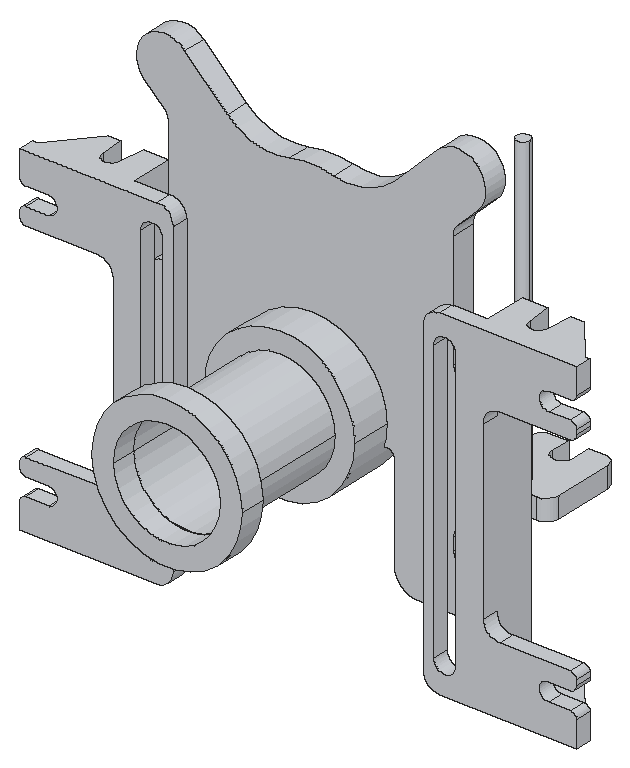
Revit family "Zurn Carrier - Z1201-NR3", category Plumbing Fixtures, host Face, Revit 2017
Family settings
  Host = Face
  Round Connector Dimension = Use Diameter
  Part Type = Normal
  Cut with Voids When Loaded = No
  Shared = No
  Room Calculation Point = No
Parameters
  Default Elevation = 4' - 0"
  A [instance] = 0' - 4"
Reference planes (in)
  plane 1 "Center (Front/Back)": y = 0
  plane 2: z = 0
  plane 3 "Center (Left/Right)": x = 0
  plane 4: through (-8.9941, -180, 4.16246) normal (-0.0159, 0, 0.9999)
  plane 5: through (-8.98588, -180, 0.16209) normal (-0.0159, 0, 0.9999)
Dimensions and locks (in)
  "A": plane 4 to plane 5
  "A": import instance to plane 5
  aligned and locked: plane 2 to host face
  aligned and locked: level to host face
Automatic sketch dimensions
  host sketch curve to host sketch curve = 8' - 0"  (x2)
Nested families (in)
  nested 1: "Inlet" at (0, 0, 0), type "Inlet"
  nested 2: "Legs" at (0, 0, 0), type "Legs"
Connectors (in)
  piping at (-8.9941, 4.875, 4.16246), diameter 3
    settings: on import instance, index 1, connector inside diameter 24", connector length 0' - 0", flow factor 0, pipe flow 0 GPM, pressure drop 0.00 psi, fitting loss kfactor 0, connector angle 0.00°, fixture units 0, engagement length 0' - 0", angle of deflection 0.00°, flow configuration 0, flow direction 2, fitting loss method 0, system type 16, joint type 0, gender type 0, connector reference index -1, connector utility 0, adjustable connector no, is connector primary yes, connector description ""
  piping at (2.47171, 4.875, 4.34446), diameter 3
    settings: on import instance, index 2, connector inside diameter 24", connector length 0' - 0", flow factor 0, pipe flow 0 GPM, pressure drop 0.00 psi, fitting loss kfactor 0, connector angle 0.00°, fixture units 0, engagement length 0' - 0", angle of deflection 0.00°, flow configuration 0, flow direction 1, fitting loss method 0, system type 16, joint type 0, gender type 0, connector reference index -1, connector utility 0, adjustable connector no, is connector primary no, connector description ""
  piping at (-2.38321, 4.875, 8.7674), diameter 2
    settings: on import instance, index 3, connector inside diameter 24", connector length 0' - 0", flow factor 0, pipe flow 0 GPM, pressure drop 0.00 psi, fitting loss kfactor 0, connector angle 0.00°, fixture units 0, engagement length 0' - 0", angle of deflection 0.00°, flow configuration 0, flow direction 2, fitting loss method 0, system type 17, joint type 0, gender type 0, connector reference index -1, connector utility 0, adjustable connector no, is connector primary no, connector description ""
Definition of nested family "Inlet"
  Parameters (values of type "Inlet")
    Default Elevation = 4' - 0"
  Reference planes (in)
    plane 1 "Center (Front/Back)": y = 0
    plane 2: z = 0
    plane 3 "Center (Left/Right)": x = 0
  Forms (in)
    Extrusion 1, solid
      sketch origin (0, 0, 0) x (1, 0, 0) y (0, 1, 0)
        loop
          line (-48, 48) -> (-48, -48) -> (48, -48) -> (48, 48) -> (-48, 48)
      from 0 to -12
    Extrusion 2, solid
      sketch origin (0, 0, 0) x (1, 0, 0) y (0, 0, 1)
        loop
          line (-2.58153, 13.31897) -> (-3.88128, 14.61872)
          arc (-3.88128, 14.61872) -> (-5.11872, 14.61872) -> (-5.11872, 13.38128) r 0.875
          line (-5.11872, 13.38128) -> (-4.52145, 12.78401)
          arc (-4.52145, 12.78401) -> (-4.41306, 12.6218) -> (-4.375, 12.43046) r 0.5
          line (-4.375, 12.43046) -> (-4.375, 8.86603)
          arc (-4.375, 8.86603) -> (-4.43604, 8.70271) -> (-4.58924, 8.61947) r 0.24899
          arc (-4.58924, 8.61947) -> (-4.98827, 8.39216) -> (-5.12286, 7.95309) r 0.62251
          arc (-5.12286, 7.95309) -> (-5.15122, 7.81669) -> (-5.24877, 7.71723) r 0.24745
          arc (-5.24877, 7.71723) -> (-5.34115, 7.62562) -> (-5.375, 7.5) r 0.25003
          line (-5.375, 7.5) -> (-5.375, 5.5)
          arc (-5.375, 5.5) -> (-5.34115, 5.37438) -> (-5.24877, 5.28277) r 0.25003
          arc (-5.24877, 5.28277) -> (-5.15122, 5.18331) -> (-5.12286, 5.04691) r 0.24745
          arc (-5.12286, 5.04691) -> (-4.98827, 4.60784) -> (-4.58924, 4.38053) r 0.62251
          arc (-4.58924, 4.38053) -> (-4.43604, 4.29729) -> (-4.375, 4.13397) r 0.24899
          line (-4.375, 4.13397) -> (-4.375, 3.73744)
          arc (-4.375, 3.73744) -> (-4.39403, 3.64177) -> (-4.44822, 3.56066) r 0.25
          line (-4.44822, 3.56066) -> (-4.94194, 3.06694)
          arc (-4.94194, 3.06694) -> (-5.07742, 2.38582) -> (-4.5, 2) r 0.625
          line (-4.5, 2) -> (-3.25, 2)
          arc (-3.25, 2) -> (-2.76386, 2.20136) -> (-2.5625, 2.6875) r 0.6875
          line (-2.5625, 2.6875) -> (-2.5625, 5.63621)
          arc (-2.5625, 5.63621) -> (-2.37789, 5.87679) -> (-2.09772, 5.76074) r 0.24907
          arc (-2.09772, 5.76074) -> (0, 4.27489) -> (2.09772, 5.76074) r 2.2237
          arc (2.09772, 5.76074) -> (2.37789, 5.87679) -> (2.5625, 5.63621) r 0.24907
          line (2.5625, 5.63621) -> (2.5625, 2.6875)
          arc (2.5625, 2.6875) -> (2.76386, 2.20136) -> (3.25, 2) r 0.6875
          line (3.25, 2) -> (4.5, 2)
          arc (4.5, 2) -> (5.07742, 2.38582) -> (4.94194, 3.06694) r 0.625
          line (4.94194, 3.06694) -> (4.44822, 3.56066)
          arc (4.44822, 3.56066) -> (4.39403, 3.64177) -> (4.375, 3.73744) r 0.25
          line (4.375, 3.73744) -> (4.375, 4.13397)
          arc (4.375, 4.13397) -> (4.43604, 4.29729) -> (4.58924, 4.38053) r 0.24899
          arc (4.58924, 4.38053) -> (4.98827, 4.60784) -> (5.12286, 5.04691) r 0.62251
          arc (5.12286, 5.04691) -> (5.15122, 5.18331) -> (5.24877, 5.28277) r 0.24745
          arc (5.24877, 5.28277) -> (5.34115, 5.37438) -> (5.375, 5.5) r 0.25003
          line (5.375, 5.5) -> (5.375, 7.5)
          arc (5.375, 7.5) -> (5.34115, 7.62562) -> (5.24877, 7.71723) r 0.25003
          arc (5.24877, 7.71723) -> (5.15122, 7.81669) -> (5.12286, 7.95309) r 0.24745
          arc (5.12286, 7.95309) -> (4.98827, 8.39216) -> (4.58924, 8.61947) r 0.62251
          arc (4.58924, 8.61947) -> (4.43604, 8.70271) -> (4.375, 8.86603) r 0.24899
          line (4.375, 8.86603) -> (4.375, 12.43046)
          arc (4.375, 12.43046) -> (4.41306, 12.6218) -> (4.52145, 12.78401) r 0.5
          line (4.52145, 12.78401) -> (5.11872, 13.38128)
          arc (5.11872, 13.38128) -> (5.11872, 14.61872) -> (3.88128, 14.61872) r 0.875
          line (3.88128, 14.61872) -> (2.58153, 13.31897)
          arc (2.58153, 13.31897) -> (1.70465, 12.80693) -> (0.68932, 12.79193) r 1.99841
          arc (0.68932, 12.79193) -> (0, 12.87579) -> (-0.68932, 12.79193) r 2.87515
          arc (-0.68932, 12.79193) -> (-1.70465, 12.80693) -> (-2.58153, 13.31897) r 1.99841
      from 0.17185 to 0.8906
    Extrusion 3, solid
      sketch origin (0, 0, 0) x (1, 0, 0) y (0, 0, 1)
        loop
          circle (0, 6.5) r 2.31198
      from 5.66374 to 6.42185
    Extrusion 4, solid
      sketch origin (0, 0, 0) x (1, 0, 0) y (0, 0, 1)
        loop
          circle (0, 6.5) r 2.31198
      from 0.17185 to 2.1093
    Extrusion 5, solid
      sketch origin (0, 0, 0) x (1, 0, 0) y (0, 0, 1)
        loop
          circle (0, 6.49859) r 1.68737
      from 2.1093 to 5.66374
    Extrusion 6, void
      sketch origin (0, 0, 0) x (1, 0, 0) y (0, 0, 1)
        loop
          circle (0, 6.49859) r 1.64022
      from 0.17185 to 6.42185
    Extrusion 7, void
      sketch origin (0, 9.7656, 0) x (1, 0, 0) y (0, 0, -1)
        loop
          circle (0, -6.49859) r 1.64022
      from -16.18745 to -9.95305
  Cuts and joins
    Extrusion 6 cuts Extrusion 2
    Extrusion 6 cuts Extrusion 3
    Extrusion 6 cuts Extrusion 4
    Extrusion 6 cuts Extrusion 5
  Dimensions and locks (in)
    aligned and locked: plane 2 to Extrusion 1
    aligned and locked: level to Extrusion 1
Definition of nested family "Legs"
  Parameters (values of type "Legs")
    Default Elevation = 4' - 0"
  Reference planes (in)
    plane 1 "Center (Front/Back)": y = 0
    plane 2: z = 0
    plane 3 "Center (Left/Right)": x = 0
  Forms (in)
    Extrusion 1, solid
      sketch origin (0, 0, 0) x (1, 0, 0) y (0, 1, 0)
        loop
          line (-48, 48) -> (-48, -48) -> (48, -48) -> (48, 48) -> (-48, 48)
      from 0 to -12
    Extrusion 2, solid
      sketch origin (0, 9.7656, 0) x (1, 0, 0) y (0, 1, 0)
        loop
          line (-8.5625, -10.8437) -> (-8.5625, -11.1562) -> (-5.4375, -11.1562) -> (-5.4375, -10.6562) -> (-5.4375, -9.3437) -> (-6.20315, -9.3437) -> (-6.28271, -10.12229)
          arc (-6.28271, -10.12229) -> (-6.5625, -10.40208) -> (-6.84229, -10.12229) r 0.27979
          line (-6.84229, -10.12229) -> (-6.92185, -9.3437) -> (-7.3125, -9.3437) -> (-8.5625, -10.8437)
      from 0 to 0.625
    Extrusion 3, solid
      sketch origin (0, -1.1406, 0) x (-1, 0, 0) y (0, 0, -1)
        loop
          arc (4.15625, -9.5625) -> (4.5, -9.90625) -> (4.84375, -9.5625) r 0.34375
          line (4.84375, -9.5625) -> (4.84375, -0.9375)
          arc (4.84375, -0.9375) -> (4.5, -0.59375) -> (4.15625, -0.9375) r 0.34375
          line (4.15625, -0.9375) -> (4.15625, -9.5625)
        loop
          arc (3.84375, -10) -> (3.9902, -10.35355) -> (4.34375, -10.5) r 0.5
          line (4.34375, -10.5) -> (8.5625, -10.5) -> (8.5625, -9.71875)
          arc (8.5625, -9.71875) -> (8.50758, -9.58617) -> (8.375, -9.53125) r 0.1875
          line (8.375, -9.53125) -> (7.6875, -9.53125)
          arc (7.6875, -9.53125) -> (7.40625, -9.25) -> (7.6875, -8.96875) r 0.28125
          line (7.6875, -8.96875) -> (8.375, -8.96875)
          arc (8.375, -8.96875) -> (8.50758, -8.91383) -> (8.5625, -8.78125) r 0.1875
          line (8.5625, -8.78125) -> (8.5625, -8.625)
          arc (8.5625, -8.625) -> (8.50758, -8.49242) -> (8.375, -8.4375) r 0.1875
          line (8.375, -8.4375) -> (6.1875, -8.4375)
          arc (6.1875, -8.4375) -> (5.83395, -8.29105) -> (5.6875, -7.9375) r 0.5
          line (5.6875, -7.9375) -> (5.6875, -3.41783) -> (5.6875, -2.5625)
          arc (5.6875, -2.5625) -> (5.83395, -2.20895) -> (6.1875, -2.0625) r 0.5
          line (6.1875, -2.0625) -> (8.375, -2.0625)
          arc (8.375, -2.0625) -> (8.50758, -2.00758) -> (8.5625, -1.875) r 0.1875
          line (8.5625, -1.875) -> (8.5625, -1.71875)
          arc (8.5625, -1.71875) -> (8.50758, -1.58617) -> (8.375, -1.53125) r 0.1875
          line (8.375, -1.53125) -> (7.6875, -1.53125)
          arc (7.6875, -1.53125) -> (7.40625, -1.25) -> (7.6875, -0.96875) r 0.28125
          line (7.6875, -0.96875) -> (8.375, -0.96875)
          arc (8.375, -0.96875) -> (8.50758, -0.91383) -> (8.5625, -0.78125) r 0.1875
          line (8.5625, -0.78125) -> (8.5625, 0) -> (4.34375, 0)
          arc (4.34375, 0) -> (3.9902, -0.14645) -> (3.84375, -0.5) r 0.5
          line (3.84375, -0.5) -> (3.84375, -10)
      from -0.25 to 0.25
    Extrusion 4, solid
      sketch origin (0, 9.7656, 9.875) x (0, -1, 0) y (1, 0, 0)
        loop
          line (10.8437, -8.5625) -> (11.1562, -8.5625) -> (11.1562, -5.4375) -> (10.6562, -5.4375) -> (9.3437, -5.4375) -> (9.3437, -6.20315) -> (10.12229, -6.28271)
          arc (10.12229, -6.28271) -> (10.40208, -6.5625) -> (10.12229, -6.84229) r 0.27979
          line (10.12229, -6.84229) -> (9.3437, -6.92185) -> (9.3437, -7.3125) -> (10.8437, -8.5625)
      from 0 to 0.625
    Extrusion 5, solid
      sketch origin (0, 9.7656, 0) x (1, 0, 0) y (0, 0, -1)
        loop
          line (-5.4375, -9.875) -> (-5.4375, -0.625) -> (-5.6875, -0.625) -> (-5.6875, -9.875) -> (-5.4375, -9.875)
      from -10.6562 to -9.3437
    Extrusion 6, solid
      sketch origin (0, 9.7656, 0) x (-1, 0, 0) y (0, -1, 0)
        loop
          line (-8.5625, 10.8437) -> (-7.3125, 9.3437) -> (-6.92185, 9.3437) -> (-6.84229, 10.12229)
          arc (-6.84229, 10.12229) -> (-6.5625, 10.40208) -> (-6.28271, 10.12229) r 0.27979
          line (-6.28271, 10.12229) -> (-6.20315, 9.3437) -> (-5.4375, 9.3437) -> (-5.4375, 10.6562) -> (-5.4375, 11.1562) -> (-8.5625, 11.1562) -> (-8.5625, 10.8437)
      from 0 to 0.625
    Extrusion 7, solid
      sketch origin (0, -1.1406, 0) x (1, 0, 0) y (0, 0, 1)
        loop
          line (4.15625, 9.5625) -> (4.15625, 0.9375)
          arc (4.15625, 0.9375) -> (4.5, 0.59375) -> (4.84375, 0.9375) r 0.34375
          line (4.84375, 0.9375) -> (4.84375, 9.5625)
          arc (4.84375, 9.5625) -> (4.5, 9.90625) -> (4.15625, 9.5625) r 0.34375
        loop
          line (3.84375, 10) -> (3.84375, 0.5)
          arc (3.84375, 0.5) -> (3.9902, 0.14645) -> (4.34375, 0) r 0.5
          line (4.34375, 0) -> (8.5625, 0) -> (8.5625, 0.78125)
          arc (8.5625, 0.78125) -> (8.50758, 0.91383) -> (8.375, 0.96875) r 0.1875
          line (8.375, 0.96875) -> (7.6875, 0.96875)
          arc (7.6875, 0.96875) -> (7.40625, 1.25) -> (7.6875, 1.53125) r 0.28125
          line (7.6875, 1.53125) -> (8.375, 1.53125)
          arc (8.375, 1.53125) -> (8.50758, 1.58617) -> (8.5625, 1.71875) r 0.1875
          line (8.5625, 1.71875) -> (8.5625, 1.875)
          arc (8.5625, 1.875) -> (8.50758, 2.00758) -> (8.375, 2.0625) r 0.1875
          line (8.375, 2.0625) -> (6.1875, 2.0625)
          arc (6.1875, 2.0625) -> (5.83395, 2.20895) -> (5.6875, 2.5625) r 0.5
          line (5.6875, 2.5625) -> (5.6875, 3.41783) -> (5.6875, 7.9375)
          arc (5.6875, 7.9375) -> (5.83395, 8.29105) -> (6.1875, 8.4375) r 0.5
          line (6.1875, 8.4375) -> (8.375, 8.4375)
          arc (8.375, 8.4375) -> (8.50758, 8.49242) -> (8.5625, 8.625) r 0.1875
          line (8.5625, 8.625) -> (8.5625, 8.78125)
          arc (8.5625, 8.78125) -> (8.50758, 8.91383) -> (8.375, 8.96875) r 0.1875
          line (8.375, 8.96875) -> (7.6875, 8.96875)
          arc (7.6875, 8.96875) -> (7.40625, 9.25) -> (7.6875, 9.53125) r 0.28125
          line (7.6875, 9.53125) -> (8.375, 9.53125)
          arc (8.375, 9.53125) -> (8.50758, 9.58617) -> (8.5625, 9.71875) r 0.1875
          line (8.5625, 9.71875) -> (8.5625, 10.5) -> (4.34375, 10.5)
          arc (4.34375, 10.5) -> (3.9902, 10.35355) -> (3.84375, 10) r 0.5
      from -0.25 to 0.25
    Extrusion 8, solid
      sketch origin (0, 9.7656, 9.875) x (0, 1, 0) y (-1, 0, 0)
        loop
          line (-10.8437, -8.5625) -> (-9.3437, -7.3125) -> (-9.3437, -6.92185) -> (-10.12229, -6.84229)
          arc (-10.12229, -6.84229) -> (-10.40208, -6.5625) -> (-10.12229, -6.28271) r 0.27979
          line (-10.12229, -6.28271) -> (-9.3437, -6.20315) -> (-9.3437, -5.4375) -> (-10.6562, -5.4375) -> (-11.1562, -5.4375) -> (-11.1562, -8.5625) -> (-10.8437, -8.5625)
      from 0 to 0.625
    Extrusion 9, solid
      sketch origin (0, 9.7656, 0) x (-1, 0, 0) y (0, 0, 1)
        loop
          line (-5.4375, 9.875) -> (-5.6875, 9.875) -> (-5.6875, 0.625) -> (-5.4375, 0.625) -> (-5.4375, 9.875)
      from -10.6562 to -9.3437
    Extrusion 10, solid
      sketch origin (0, 0, 0) x (1, 0, 0) y (0, 1, 0)
        loop
          arc (-1.18637, 7.1259) -> (-1.0766, 6.8609) -> (-0.8116, 6.75113) r 0.37477
          line (-0.8116, 6.75113) -> (0.8116, 6.75113)
          arc (0.8116, 6.75113) -> (1.0766, 6.8609) -> (1.18637, 7.1259) r 0.37477
          line (1.18637, 7.1259) -> (1.18637, 8.9991)
          arc (1.18637, 8.9991) -> (1.0766, 9.2641) -> (0.8116, 9.37387) r 0.37477
          line (0.8116, 9.37387) -> (0.31392, 9.37387) -> (0.31392, 8.75)
          arc (0.31392, 8.75) -> (0, 8.43608) -> (-0.31392, 8.75) r 0.31392
          line (-0.31392, 8.75) -> (-0.31392, 9.37387) -> (-0.8116, 9.37387)
          arc (-0.8116, 9.37387) -> (-1.0766, 9.2641) -> (-1.18637, 8.9991) r 0.37477
          line (-1.18637, 8.9991) -> (-1.18637, 7.1259)
      from 0 to 0.625
    Extrusion 11, solid
      sketch origin (0, 0, 0) x (1, 0, 0) y (0, 1, 0)
        loop
          circle (0, 7.24219) r 0.20957
      from 0 to 10
  Cuts and joins
    joined: Extrusion 2, Extrusion 3, Extrusion 4, Extrusion 5
    joined: Extrusion 6, Extrusion 7, Extrusion 8, Extrusion 9
    joined: Extrusion 10, Extrusion 11
  Dimensions and locks (in)
    aligned and locked: plane 2 to Extrusion 1
    aligned and locked: level to Extrusion 1
